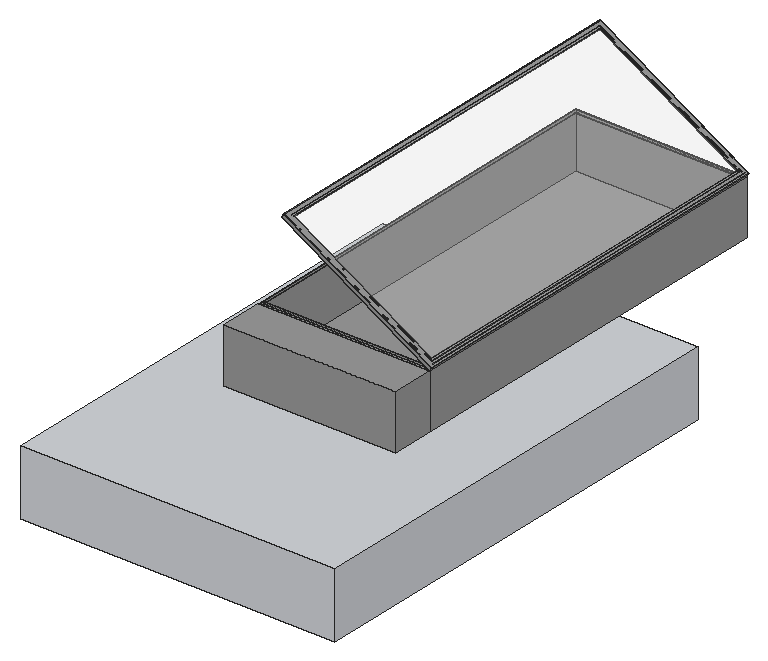
Revit family "Hager-Univers-IP55-D275-H2050-Cl.I-Steel_encl-CH-en", category Equipement électrique, Revit 2020
Family settings
  Hôte = Face
  Configuration du panneau = Deux colonnes, circuits au sein
  Cote de connecteur circulaire = Utiliser le diamètre
  Type d'élément = Tableau de raccordement
  Couper avec des vides une fois chargée = Non
  Partagée = Non
  Point de calcul de pièce = Non
Parameters (values of type "Floor installation IP55 W800 H2050 D275  - FR23K2")
  Width Control [instance] = if([EF000008 - Width] > Min Width, [EF000008 - Width], Min Width)  # 800 mm
  Commentaires du type = [HG000003 - Range]  # "Univers"
  Thickness Door [instance] = if([EF009171 - Material plate thickness door/cover] > 3 mm, 3 mm, [EF009171 - Material plate thickness door/cover])  # 1.5 mm
  Seal Frame Offset [instance] = 17 mm  # constant formula
  Plinth Visibility [instance] = [HG000027 - Plinth height] > 0 mm  # yes
  Model = ""
  Min Width [instance] = 100 mm  # constant formula
  Min Height [instance] = 100 mm  # constant formula
  Min Depth [instance] = (2 * [EF009170 - Material plate thickness cabinet]) + 1 mm  # 4 mm
  Internal Frame Depth [instance] = (Door System Depth * 0.5)  # 9 mm
  Height Control [instance] = if([EF000040 - Height] > Min Height, [EF000040 - Height], Min Height)  # 2050 mm
  HG000027 - Plinth height = 200 mm
  HG000026 - Floor standing = yes
  HG000024 - Bottom section height = 800 mm
  HG000023 - Double section enclosure = no
  HG000016 - Door 3d visibility [instance] = yes
  HG000015 - Clearance visibility [instance] = no
  HG000014 - Door on the right [instance] = yes
  HG000013 - Door on the left [instance] = not([HG000014 - Door on the right])  # no
  HG000012 - Door swing angle [instance] = 30.00°
  HG000010 - Asymmetric doors = no
  HG000009 - Double swing door = no
  HG000006 - Flush mounted = no
  HG000004 - Manufacturer reference = "FR23K2"
  HG000003 - Range = "Univers"
  HG000002 - With door or cover = yes
  Frame Offset Bottom [instance] = 10 mm  # constant formula
  Frame Offset [instance] = 15 mm  # constant formula
  EF015940 - Cover with overpressure release = no
  EF011959 - Degree of protection (NEMA) = ""
  EF009554 - Number of openings for flange plates = 6
  EF009212 - Cover model = "EV000116 - Closed"
  EF009171 - Material plate thickness door/cover = 1.5 mm
  EF009170 - Material plate thickness cabinet = 1.5 mm
  Fabricant = "Hager"  # constant formula
  EF008873 - Nominal current (In) = 800 A
  EF007800 - Suitable for lightning protection = no
  EF006306 - With lock = no
  EF006244 - Transparent cover/door = yes
  EF005474 - Degree of protection (IP) = "EV006420 - IP55"
  EF004464 - Type of door = "EV002646 - Single"
  EF004427 - Number of modules = 432
  EF004293 - Impact strength = "EV008784 - IK10"
  EF003532 - Suitable for outdoor use = no
  EF002950 - Width in number of modular spacings = 24
  EF001613 - Circuit integrity = "EV000494 - None"
  EF001596 - Material housing = "EV000179 - Steel"
  EF001131 - Internal depth = 275 mm
  EF001088 - Extension possible = yes
  EF000437 - Number of conduit inlets = 6
  EF000339 - Type of cover = "EV004216 - Door"
  EF000266 - Number of rows = 12
  EF000218 - Built-in depth = 0 mm
  EF000118 - With mounting plate = no
  EF000116 - RAL-number = "7035"
  EF000049 - Depth = 275 mm
  EF000040 - Height = 2050 mm
  EF000008 - Width = 800 mm
  EF000007 - Colour = "EV000270 - Grey"
  EF000003 - Mounting method = "EV012274 - Floor installation"
  Door System Leaf Tolerance [instance] = 1.5 mm  # constant formula
  Door System Depth [instance] = 18 mm  # constant formula
  Door Height [instance] = Height Control - [HG000027 - Plinth height]  # 1850 mm
  Depth Control [instance] = if([EF000049 - Depth] > Min Depth, [EF000049 - Depth], Min Depth)  # 275 mm
  Default Elevation = 0 mm
  Connector Offset [instance] = Height Control / 2  # 1025 mm
  Bottom Top Plate Trim [instance] = 1.5 mm  # constant formula
  Plinth height Ctrl [instance] = if([HG000027 - Plinth height] > 0 mm, [HG000027 - Plinth height], 12 mm)  # 200 mm
Types (11, lengths in mm): name | Width Control | HG000010 - Asymmetric doors | HG000009 - Double swing door | HG000004 - Manufacturer reference | EF009554 - Number of openings for flange plates | EF006244 - Transparent cover/door | EF004464 - Type of door | EF004427 - Number of modules | EF000437 - Number of conduit inlets | EF000008 - Width
  Floor installation IP55 W1050 H2050 D275  - FR24E2 | 1050 | yes | yes | "FR24E2" | 8 | no | "EV003602 - Double" | 576 | 8 | 1050
  Floor installation IP55 W1050 H2050 D275  - FR24K2 | 1050 | yes | yes | "FR24K2" | 8 | yes | "EV003602 - Double" | 576 | 8 | 1050
  Floor installation IP55 W1300 H2050 D275  - FR25E2 | 1300 | yes | yes | "FR25E2" | 10 | no | "EV003602 - Double" | 720 | 10 | 1300
  Floor installation IP55 W1300 H2050 D275  - FR25K2 | 1300 | yes | yes | "FR25K2" | 10 | yes | "EV003602 - Double" | 720 | 10 | 1300
  Floor installation IP55 W1550 H2050 D275  - FR26E2 | 1550 | yes | yes | "FR26E2" | 12 | no | "EV003602 - Double" | 864 | 12 | 1550
  Floor installation IP55 W1550 H2050 D275  - FR26K2 | 1550 | yes | yes | "FR26K2" | 12 | yes | "EV003602 - Double" | 864 | 12 | 1550
  Floor installation IP55 W300 H2050 D275  - FR21E2 | 300 | no | no | "FR21E2" | 2 | no | "EV002646 - Single" | 144 | 2 | 300
  Floor installation IP55 W550 H2050 D275  - FR22E2 | 550 | no | no | "FR22E2" | 4 | no | "EV002646 - Single" | 288 | 4 | 550
  Floor installation IP55 W550 H2050 D275  - FR22K2 | 550 | no | no | "FR22K2" | 4 | yes | "EV002646 - Single" | 288 | 4 | 550
  Floor installation IP55 W800 H2050 D275  - FR23E2 | 800 | no | no | "FR23E2" | 6 | no | "EV002646 - Single" | 432 | 6 | 800
  Floor installation IP55 W800 H2050 D275  - FR23K2 | 800 | no | no | "FR23K2" | 6 | yes | "EV002646 - Single" | 432 | 6 | 800
Reference planes
  plane 1 "Center (Front/Back)": y = 0
  plane 2: z = 0
  plane 3 "Center (Left/Right)": x = 0
  plane 4: z = 275
  plane 5: y = 201.5
  plane 6: y = 1125
  plane 7: y = 200
  plane 8: y = 2050
  plane 9: z = 0
  plane 10: x = -385
  plane 11: x = 385
  plane 12: x = 383.5
  plane 13: x = -383.5
  plane 14: y = 2048.5
  plane 15: x = -383
  plane 16: x = -400
  plane 17: x = 383
  plane 18: x = 400
  plane 19: x = 398.5
  plane 20: x = -398.5
  plane 21: y = 211.5
  plane 22: y = 2050
  plane 23: y = 2033.5
  plane 24: z = 257
  plane 25: z = 1.5
  plane 26: z = 255.5
  plane 27: z = 273.5
Forms (mm)
  Extrusion 1, solid
    sketch origin (0, 0, 0) x (1, 0, 0) y (0, 1, 0)
      loop
        line (-702.964, 1305) -> (-702.964, -811.445) -> (766.763, -811.445) -> (766.763, 1305) -> (-702.964, 1305)
    from 0 to -304.8
  Extrusion 2, solid, material "Hager_Steel_RAL7035_Light_Grey", visible <- "Plinth Visibility", detail levels medium+fine
    sketch origin (0, 0, 0) x (1, 0, 0) y (0, 1, 0)
      loop
        line (-400, 0) -> (400, 0) -> (400, 200) -> (-400, 200) -> (-400, 0)
    from 0 to 257
  Extrusion 3, solid, material "Hager_Steel_RAL7035_Light_Grey", detail levels medium+fine
    sketch origin (0, 0, 0) x (1, 0, 0) y (0, 1, 0)
      loop
        line (-400, 200) -> (400, 200) -> (400, 2050) -> (-400, 2050) -> (-400, 200)
    from 0 to 257
  Extrusion 4, void
    sketch origin (0, 0, 0) x (1, 0, 0) y (0, 1, 0)
      loop
        line (-398.5, 201.5) -> (398.5, 201.5) -> (398.5, 2048.5) -> (-398.5, 2048.5) -> (-398.5, 201.5)
    from 1.5 to 255.5
  Extrusion 5, void
    sketch origin (-381.607, -4572, 257) x (0, -1, 0) y (-1, 0, 0)
      loop
        line (-4783.5, 1.893) -> (-6605.5, 1.893) -> (-6605.5, -765.107) -> (-4783.5, -765.107) -> (-4783.5, 1.893)
    from 0 to 1.5 <- "EF009170 - Material plate thickness cabinet"
  Extrusion 6, solid, material "Hager_Steel_RAL7035_Light_Grey", detail levels fine
    sketch origin (0, 0, 257) x (1, 0, 0) y (0, 1, 0)
      loop
        line (-383.5, 2033.5) -> (-383.5, 211.5) -> (383.5, 211.5) -> (383.5, 2033.5) -> (-383.5, 2033.5)
      loop
        line (-385, 210) -> (385, 210) -> (385, 2035) -> (-385, 2035) -> (-385, 210)
    from 0 to 9 <- "Internal Frame Depth"
  Extrusion 7, solid, material "Hager_Steel_RAL7035_Light_Grey", detail levels coarse
    sketch origin (0, 0, 0) x (1, 0, 0) y (0, 1, 0)
      loop
        line (-400, 0) -> (400, 0) -> (400, 2050) -> (-400, 2050) -> (-400, 0)
    from 0 to 275
  Sweep 8, void
    path in 3D
      loop
        line (-400, 200, 0) -> (400, 200, 0) -> (400, 200, 257) -> (-400, 200, 257) -> (-400, 200, 0)
    profile origin (-400, 200, 128.5) x (-1, 0, 0) y (0, -1, 0)
      loop
        line (0, 0) -> (0, 1.5) -> (-1.5, 1.5)
        arc (-1.5, 1.5) -> (-1.061, 0.439) -> (0, 0) r 1.5
Cuts and joins
  Extrusion 4, Extrusion 5 cuts Extrusion 3
  Sweep 8 cuts Extrusion 2
Lines and regions (mm)
  Masking region 1
    outline origin (0, 0, 0) x (1, 0, 0) y (0, 0, 1)
      loop
        line (-400, 275) -> (-400, 0) -> (400, 0) -> (400, 275) -> (-400, 275)
  Masking region 2, detail levels medium+fine
    outline origin (0, 140, 0) x (0, 1, 0) y (0, 0, 1)
      loop
        line (60, 0) -> (1910, 0) -> (1910, 257) -> (60, 257) -> (60, 0)
  Masking region 3, not visible, detail levels medium+fine
    outline origin (0, 297.922, 0) x (0, 1, 0) y (0, 0, 1)
      loop
        line (838.578, 0) -> (878.578, 0) -> (878.578, 263.5)
        arc (878.578, 263.5) -> (875.649, 270.571) -> (868.578, 273.5) r 10
        line (868.578, 273.5) -> (838.578, 273.5) -> (838.578, 0)
  Masking region 4, detail levels coarse
    outline origin (0, 0, 180) x (0, 1, 0) y (0, 0, 1)
      loop
        line (0, -180) -> (2050, -180) -> (2050, 95) -> (0, 95) -> (0, -180)
  Masking region 5, visible <- "Plinth Visibility", detail levels medium+fine
    outline origin (0, 52.24, 12.345) x (0, 0, -1) y (0, 1, 0)
      loop
        line (10.845, 147.76) -> (-243.155, 147.76)
        arc (-243.155, 147.76) -> (-243.594, 146.699) -> (-244.655, 146.26) r 1.5
        line (-244.655, 146.26) -> (-244.655, -52.24) -> (12.345, -52.24) -> (12.345, 146.26)
        arc (12.345, 146.26) -> (11.285, 146.699) -> (10.845, 147.76) r 1.5
  Masking region 6, detail levels medium+fine
    outline origin (-381.607, -4572, 257) x (-1, 0, 0) y (0, -1, 0)
      loop
        line (18.393, -6622) -> (18.393, -4772) -> (-781.607, -4772) -> (-781.607, -6622) -> (18.393, -6622)
  Masking region 7, visible <- "Plinth Visibility", detail levels medium+fine
    outline origin (-381.607, -4727, 257) x (-1, 0, 0) y (0, -1, 0)
      loop
        arc (16.893, -4927) -> (17.332, -4925.939) -> (18.393, -4925.5) r 1.5
        line (18.393, -4925.5) -> (18.393, -4727) -> (-781.607, -4727) -> (-781.607, -4925.5)
        arc (-781.607, -4925.5) -> (-780.546, -4925.939) -> (-780.107, -4927) r 1.5
        line (-780.107, -4927) -> (16.893, -4927)
  Masking region 8, detail levels coarse
    outline origin (-442.548, -4669.526, 257) x (-1, 0, 0) y (0, -1, 0)
      loop
        line (-42.548, -6719.526) -> (-42.548, -4669.526) -> (-842.548, -4669.526) -> (-842.548, -6719.526) -> (-42.548, -6719.526)
  sketch lines
    curve 1: line (-400, 200, 257) -> (-400, 200, 0)
    curve 2: line (400, 200, 257) -> (-400, 200, 257)
    curve 3: line (400, 200, 257) -> (400, 200, 0)
    curve 4: line (-400, 200, 0) -> (400, 200, 0)
Dimensions and locks
  "Depth Control": plane 4 to Extrusion 1
  "HG000027 - Plinth height": plane 1 "Center (Front/Back)" to plane 7
  "EF009170 - Material plate thickness cabinet": plane 5 to plane 7
  locked: connector elem to plane 3 "Center (Left/Right)"
  equal spacing: plane 8, plane 6, plane 7
  locked: connector elem to plane 6
  "EF009170 - Material plate thickness cabinet": plane 8 to plane 14
  "EF009170 - Material plate thickness cabinet": plane 10 to plane 13
  "EF009170 - Material plate thickness cabinet": plane 12 to plane 11
  "Frame Offset": plane 20 to plane 13
  "Frame Offset": plane 12 to plane 19
  "EF009170 - Material plate thickness cabinet": plane 16 to plane 20
  "EF009170 - Material plate thickness cabinet": plane 19 to plane 18
  "Seal Frame Offset": plane 16 to plane 15
  "Seal Frame Offset": plane 17 to plane 18
  "Frame Offset Bottom": plane 21 to plane 5
  "Frame Offset": plane 14 to plane 23
  equal spacing: plane 16, plane 3 "Center (Left/Right)", plane 18
  "Width Control": plane 16 to plane 18
  "EF009170 - Material plate thickness cabinet": plane 4 to plane 27
  "EF009170 - Material plate thickness cabinet": plane 24 to plane 26
  "EF009170 - Material plate thickness cabinet": plane 25 to level
  "Door System Depth": plane 4 to plane 24
  "Height Control": plane 1 "Center (Front/Back)" to Extrusion 7 sketch curve
  "Height Control": Masking region 4 sketch curve to plane 1 "Center (Front/Back)"
  "Height Control": plane 1 "Center (Front/Back)" to plane 22
  "Bottom Top Plate Trim": profile plane to Sweep 8 sketch curve
  "Bottom Top Plate Trim": Sweep 8 sketch curve to profile plane
  "Plinth height Ctrl": plane 1 "Center (Front/Back)" to Extrusion 2 sketch curve
  "Plinth height Ctrl": Masking region 5 sketch curve to plane 1 "Center (Front/Back)"
  "Plinth height Ctrl": plane 1 "Center (Front/Back)" to Masking region 7 sketch curve
  "Thickness Door": Extrusion 6 sketch curve to Extrusion 6 sketch curve  (x3)
  "Thickness Door": cut or joined group of Extrusion 3, Extrusion 4, Extrusion 5 to Extrusion 6 sketch curve
  radius of Masking region 3 sketch curve = 10 mm
  "Bottom Top Plate Trim": radius of Masking region 5 sketch curve  (x2)
  "Bottom Top Plate Trim": radius of Sweep 8 sketch curve
  "Bottom Top Plate Trim": radius of Masking region 7 sketch curve  (x2)
  aligned and locked: plane 2 to Extrusion 1
  aligned and locked: level to Extrusion 1
  aligned and locked: level to Masking region 1 sketch curve
  aligned and locked: Masking region 1 sketch curve to plane 18
  aligned and locked: Masking region 1 sketch curve to plane 16
  aligned and locked: plane 7 to Masking region 2 sketch curve
  aligned and locked: level to Masking region 3 sketch curve
  aligned and locked: Masking region 3 sketch curve to plane 27
  aligned and locked: level to Masking region 2 sketch curve
  aligned and locked: plane 1 "Center (Front/Back)" to Extrusion 2 sketch curve
  aligned and locked: Extrusion 3 sketch curve to plane 7
  aligned and locked: plane 16 to Extrusion 3 sketch curve
  aligned and locked: plane 18 to Extrusion 3 sketch curve
  aligned and locked: plane 20 to Extrusion 4 sketch curve
  aligned and locked: plane 19 to Extrusion 4 sketch curve
  aligned and locked: Extrusion 4 sketch curve to plane 5
  aligned and locked: Extrusion 4 to plane 25
  aligned and locked: plane 26 to Extrusion 4
  aligned and locked: plane 24 to Extrusion 3
  aligned and locked: Extrusion 5 sketch curve to plane 21
  aligned and locked: Extrusion 5 sketch curve to plane 13
  aligned and locked: Extrusion 5 sketch curve to plane 12
  aligned and locked: plane 18 to Extrusion 7 sketch curve
  aligned and locked: plane 1 "Center (Front/Back)" to Extrusion 7 sketch curve
  aligned and locked: plane 16 to Extrusion 7 sketch curve
  aligned and locked: plane 4 to Extrusion 7
  aligned and locked: Extrusion 7 to level
  aligned and locked: level to Masking region 4 sketch curve
  aligned and locked: Masking region 4 sketch curve to plane 1 "Center (Front/Back)"
  aligned and locked: Masking region 4 sketch curve to plane 4
  aligned and locked: nested 1 to level
  aligned and locked: nested 1 to plane 16
  aligned and locked: plane 8 to Extrusion 3 sketch curve
  aligned and locked: plane 23 to Extrusion 5 sketch curve
  aligned and locked: plane 14 to Extrusion 4 sketch curve
  aligned and locked: Masking region 2 sketch curve to plane 8
  aligned and locked: level to Masking region 5 sketch curve
  aligned and locked: plane 16 to Extrusion 2 sketch curve
  aligned and locked: plane 18 to Extrusion 2 sketch curve
  aligned and locked: Masking region 5 sketch curve to plane 24
  aligned and locked: Masking region 2 sketch curve to plane 24
  aligned and locked: plane 24 to Extrusion 2
  aligned and locked: profile plane to Sweep 8 sketch curve  (x2)
  aligned and locked: Masking region 6 sketch curve to plane 18
  aligned and locked: Masking region 6 sketch curve to plane 22
  aligned and locked: Masking region 6 sketch curve to plane 16
  aligned and locked: plane 8 to plane 22
  aligned and locked: Masking region 6 sketch curve to plane 7
  aligned and locked: Masking region 7 sketch curve to plane 16
  aligned and locked: Masking region 7 sketch curve to plane 1 "Center (Front/Back)"
  aligned and locked: Masking region 7 sketch curve to plane 18
  aligned and locked: Masking region 8 sketch curve to plane 1 "Center (Front/Back)"
  aligned and locked: Masking region 8 sketch curve to plane 18
  aligned and locked: Masking region 8 sketch curve to plane 22
  aligned and locked: Masking region 8 sketch curve to plane 16
  aligned and locked: nested 2 to plane 7
  aligned and locked: plane 3 "Center (Left/Right)" to nested 2
  aligned and locked: nested 2 to plane 24
  aligned and locked: Extrusion 6 sketch curve to cut or joined group of Extrusion 3, Extrusion 4, Extrusion 5  (x4)
Automatic sketch dimensions
  Extrusion 1 sketch curve to Extrusion 1 sketch curve = 1469.727 mm
  Extrusion 1 sketch curve to Extrusion 1 sketch curve = 2116.445 mm
  Masking region 1 sketch curve to plane 4 = 0 mm
  plane 6 to Masking region 3 sketch curve = 11.5 mm
  Masking region 3 sketch curve to Masking region 3 sketch curve = 30 mm
  Masking region 5 sketch curve to plane 1 "Center (Front/Back)" = 0 mm
Nested families
  nested 1: "Hager_Enclosure_Symbol" at (-400, 0, 0) x (1, 0, 0) z (0, -1, 0), Height <- "Depth Control", Width <- "Width Control", type "Hager_Enclosure_Symbol"
    with Width_Ctrl 800 mm, Width 800 mm, Height_Ctrl 275 mm, Height 275 mm, A_Width_Int 18.047 mm, A_Width 216.562 mm, A_Height_Ctrl 240.625 mm, A_Height 240.625 mm
  nested 2: "EC000058_Univers_Door" at (0, 200, 257) x (1, 0, 0) z (0, 1, 0), Leaf_Tolerance <- "Door System Leaf Tolerance", Angle <- "HG000012 - Door swing angle", Door_Depth <- "Door System Depth", Door_Left <- "HG000013 - Door on the left", Transparent <- "EF006244 - Transparent cover/door", Assymetrical <- "HG000010 - Asymmetric doors", Width <- "Width Control", Clearance <- "HG000015 - Clearance visibility", Double <- "HG000009 - Double swing door", 3d_Door <- "HG000016 - Door 3d visibility", Lock_Visibility <- "EF006306 - With lock", Width_Ctrl <- "Width Control", Door_Right <- "HG000014 - Door on the right", Door <- "HG000002 - With door or cover", Height <- "Door Height", Thickness <- "Thickness Door", type "EC000058_Univers_Door", detail levels medium+fine
    with min_wh 4 mm, Width_Ctrl 800 mm, Width 800 mm, Transparent yes, Thickness 1.5 mm, Seal_Material Hager_Rubber, Lock_Visibility no, Lock_Material Hager_Plastic_RAL9005_Jet_Black, Leaf_Width 800 mm, Leaf_Tolerance_External_Sides 0 mm, Leaf_Tolerance 1.5 mm, Leaf_Offset 0 mm, Leaf_Height 1847 mm, Leaf_2_Width 800 mm, Leaf_2_Offset 400 mm, Leaf_1_Width 800 mm, Leaf_1_Offset 400 mm, Height_Ctrl 1850 mm, Height 1850 mm, Glass_Material Hager_Glass, Double_Clearance_Ctrl no, Double no, Door_Right_Ctrl yes, Door_Right yes, Door_Material Hager_Steel_RAL7035_Light_Grey, Door_Left_Ctrl no, Door_Left no, Door_Depth 18 mm, Door yes, Clearance_Material Hager_Clearance, Clearance_Depth 800 mm, Clearance_Ctrl no, Clearance no, Assymetrical no, Angle 30.00°, 3d_Door yes
Connectors
  electrical at (0, 1125, 0)
    settings: on plane 9, index 1, voltage 0 V, apparent load 0 VA, apparent load phase1 0 VA, apparent load phase2 0 VA, apparent load phase3 0 VA, power factor 1, load classification "Other", number of poles 1, system type 30, power factor state 1, is connector primary yes, connector utility no, sub classification motor no, connector description ""
Definition of nested family "EC000058_Univers_Door"
  Parameters (values of type "EC000058_Univers_Door")
    min_wh [instance] = (2 * Thickness) + 1 mm  # 11 mm
    Width_Ctrl [instance] = 400 mm
    Width [instance] = 500 mm
    Transparent [instance] = yes
    Thickness [instance] = 5 mm
    Seal_Material [instance] = none
    Lock_Visibility [instance] = yes
    Lock_Material [instance] = none
    Leaf_Width [instance] = if((Width_Ctrl - 2 * Leaf_Tolerance_External_Sides) > 0 mm, (Width_Ctrl - 2 * Leaf_Tolerance_External_Sides), min_wh)  # 400 mm
    Leaf_Tolerance_External_Sides [instance] = 0 mm  # constant formula
    Leaf_Tolerance [instance] = 1.5 mm
    Leaf_Offset [instance] = 0 mm  # constant formula
    Leaf_Height [instance] = if((Height_Ctrl - 2 * Leaf_Tolerance) > 0 mm, (Height_Ctrl - 2 * Leaf_Tolerance), min_wh)  # 497 mm
    Leaf_2_Width [instance] = if(and(and(Double, Assymetrical), Door_Left), (Leaf_Width / 3) - (Leaf_Tolerance / 2), if(and(and(Double, Assymetrical), Door_Right), (Leaf_Width / 3) * 2 - (Leaf_Tolerance / 2), if(and(Double, not(Assymetrical)), (Leaf_Width / 2) - Leaf_Tolerance, Leaf_Width)))  # 400 mm
    Leaf_2_Offset [instance] = if(and(Double, Assymetrical), Leaf_2_Width / 2, if(and(Double, not(Assymetrical)), Leaf_Width / 4, Leaf_Width / 2))  # 200 mm
    Leaf_1_Width [instance] = if(and(and(Double, Assymetrical), Door_Right), (Leaf_Width / 3) - (Leaf_Tolerance / 2), if(and(and(Double, Assymetrical), Door_Left), (Width / 3) * 2 - (Leaf_Tolerance / 2), if(and(Double, not(Assymetrical)), (Leaf_Width / 2) - Leaf_Tolerance, Leaf_Width)))  # 400 mm
    Leaf_1_Offset [instance] = if(and(Double, Assymetrical), Leaf_1_Width / 2, if(and(Double, not(Assymetrical)), Leaf_Width / 4, Leaf_Width / 2))  # 200 mm
    Height_Ctrl [instance] = if(Height > min_wh, Height, min_wh)  # 500 mm
    Height [instance] = 500 mm
    Glass_Material [instance] = none
    Double_Clearance_Ctrl [instance] = and(Double, Clearance)  # no
    Double [instance] = no
    Door_Right_Ctrl [instance] = and(or(Door_Right, Double), Door)  # yes
    Door_Right [instance] = yes
    Door_Material [instance] = none
    Door_Left_Ctrl [instance] = and(or(Door_Left, Double), Door)  # no
    Door_Left [instance] = no
    Door_Depth [instance] = 30 mm
    Door [instance] = yes
    Default Elevation = 1219.2 mm
    Clearance_Material [instance] = none
    Clearance_Depth [instance] = if(Leaf_1_Width > Leaf_2_Width, Leaf_1_Width, Leaf_2_Width)  # 400 mm
    Clearance_Ctrl [instance] = and(not(Double), Clearance)  # yes
    Clearance [instance] = yes
    Assymetrical [instance] = yes
    Angle [instance] = 30.00°
    3d_Door [instance] = yes
  Reference planes
    plane 1 "Center (Front/Back)": y = 0
    plane 2 "Bottom": z = 0
    plane 3 "Center (Left/Right)": x = 0
    plane 4: z = 500
    plane 5: x = -200
    plane 6: x = 200
    plane 7: z = 500
    plane 8: x = -200
    plane 9: z = 0
    plane 10: x = 200
    plane 11: y = 0
    plane 12: z = 1.5
    plane 13: x = -600
    plane 14: y = -400
    plane 15: x = 600
    plane 16: x = 0
    plane 17: x = 0
    plane 18: x = -200
    plane 19: x = 200
    plane 20: z = 498.5
  Forms (mm)
    Extrusion 1, solid, material <- "Clearance_Material", visible <- "Double_Clearance_Ctrl"
      sketch origin (1200, 0, 0) x (1, 0, 0) y (0, 0, -1)
        loop
          line (-1800, -498.5) -> (-600, -498.5) -> (-600, 0) -> (-1800, 0) -> (-1800, -498.5)
      from 0 to -400
  Dimensions and locks
    equal spacing: plane 5, plane 3 "Center (Left/Right)", plane 6
    "Width_Ctrl": plane 5 to plane 6
    "Leaf_Offset": plane 5 to plane 8
    "Leaf_Offset": plane 6 to plane 10
    "Leaf_Offset": plane 9 to level
    "Leaf_Offset": plane 4 to plane 7
    "Height_Ctrl": plane 4 to level
    "Leaf_Tolerance": plane 12 to plane 9
    locked: plane 11 to plane 1 "Center (Front/Back)"
    "Leaf_1_Offset": plane 18 to plane 16
    "Leaf_2_Offset": plane 17 to plane 19
    "Leaf_1_Width": plane 13 to plane 8
    "Leaf_2_Width": plane 10 to plane 15
    "Clearance_Depth": plane 14 to plane 1 "Center (Front/Back)"
    "Leaf_Tolerance_External_Sides": plane 8 to plane 18
    "Leaf_Tolerance_External_Sides": plane 19 to plane 10
    "Leaf_Tolerance": plane 7 to plane 20
    aligned and locked: level to plane 2 "Bottom"
    aligned and locked: nested 1 to plane 16
    aligned and locked: nested 2 to plane 17
    aligned and locked: Extrusion 1 to plane 13
    aligned and locked: plane 15 to Extrusion 1
    aligned and locked: Extrusion 1 to plane 14
    aligned and locked: plane 12 to nested 1
    aligned and locked: nested 2 to plane 12
    aligned and locked: Extrusion 1 to plane 11
    aligned and locked: plane 20 to Extrusion 1
    aligned and locked: nested 2 to plane 11
    aligned and locked: nested 1 to plane 11
  Automatic sketch dimensions
    Extrusion 1 sketch curve to level = 0 mm
    plane 5 to Extrusion 1 sketch curve = 400 mm
    plane 6 to Extrusion 1 sketch curve = 400 mm
    Extrusion 1 sketch curve to plane 4 = 1.5 mm
  Nested families
    nested 1: "EC000058_Univers_Door_Leaf" at (0, 0, 1.5), Width <- "Leaf_1_Width", visible <- "Door_Left_Ctrl", Leaf_Height <- "Leaf_Height", Angle <- "Angle", 3d_Door <- "3d_Door", Transparent <- "Transparent", Clearance Material <- "Clearance_Material", Clearance <- "Clearance_Ctrl", Door_Material <- "Door_Material", Glass_Material <- "Glass_Material", Door_Depth <- "Door_Depth", Lock_Material <- "Lock_Material", Seal_Material <- "Seal_Material", Lock_Visibility <- "Lock_Visibility", Thickness <- "Thickness", type "EC000058_Univers_Door_Leaf"
      with Width 400 mm, Transparent_Glass_Offset 30 mm, Transparent_Ctrl yes, Transparent yes, Thickness 5 mm, Standard no, Seal_Material none, Seal_D2 8 mm, Seal_D1 1 mm, Offset_Internal_Frame 10 mm, Lock_Width 20 mm, Lock_Visibility_3d yes, Lock_Visibility yes, Lock_Thickness_3 3 mm, Lock_Thickness_2 1 mm, Lock_Thickness_1 3 mm, Lock_Radius_Offset_2 16 mm, Lock_Radius_Offset_1 15 mm, Lock_Radius_2 5 mm, Lock_Radius 6 mm, Lock_Offset 5 mm, Lock_Material none, Lock_Height 80 mm, Lock_Cover_Top_Offset_2d 17 mm, Lock_Cover_Height -65 mm, Leaf_Height 497 mm, Internal_Seal_Thickness 8 mm, Internal_Seal_Depth_2 4.5 mm, Internal_Frame_Depth 25 mm, Glass_Thickness -1 mm, Glass_Offset -2 mm, Glass_Material none, Door_Material none, Door_Depth 30 mm, Clearance Material none, Clearance yes, Angle_Ctrl 30.00°, Angle 30.00°, 3d_Door yes
    nested 2: "EC000058_Univers_Door_Leaf" at (0, 0, 1.5) x (-1, 0, 0) z (0, 0, 1), Width <- "Leaf_2_Width", visible <- "Door_Right_Ctrl", Leaf_Height <- "Leaf_Height", Angle <- "Angle", 3d_Door <- "3d_Door", Transparent <- "Transparent", Clearance Material <- "Clearance_Material", Clearance <- "Clearance_Ctrl", Door_Material <- "Door_Material", Glass_Material <- "Glass_Material", Door_Depth <- "Door_Depth", Lock_Material <- "Lock_Material", Seal_Material <- "Seal_Material", Lock_Visibility <- "Lock_Visibility", Thickness <- "Thickness", type "EC000058_Univers_Door_Leaf"
      with Width 400 mm, Transparent_Glass_Offset 30 mm, Transparent_Ctrl yes, Transparent yes, Thickness 5 mm, Standard no, Seal_Material none, Seal_D2 8 mm, Seal_D1 1 mm, Offset_Internal_Frame 10 mm, Lock_Width 20 mm, Lock_Visibility_3d yes, Lock_Visibility yes, Lock_Thickness_3 3 mm, Lock_Thickness_2 1 mm, Lock_Thickness_1 3 mm, Lock_Radius_Offset_2 16 mm, Lock_Radius_Offset_1 15 mm, Lock_Radius_2 5 mm, Lock_Radius 6 mm, Lock_Offset 5 mm, Lock_Material none, Lock_Height 80 mm, Lock_Cover_Top_Offset_2d 17 mm, Lock_Cover_Height -65 mm, Leaf_Height 497 mm, Internal_Seal_Thickness 8 mm, Internal_Seal_Depth_2 4.5 mm, Internal_Frame_Depth 25 mm, Glass_Thickness -1 mm, Glass_Offset -2 mm, Glass_Material none, Door_Material none, Door_Depth 30 mm, Clearance Material none, Clearance yes, Angle_Ctrl 30.00°, Angle 30.00°, 3d_Door yes
  Definition of nested family "EC000058_Univers_Door_Leaf"
    Parameters (values of type "EC000058_Univers_Door_Leaf")
      Width [instance] = 2000 mm
      Transparent_Glass_Offset [instance] = 30 mm
      Transparent_Ctrl [instance] = and(Transparent, [3d_Door])  # yes
      Transparent [instance] = yes
      Thickness [instance] = 5 mm
      Standard [instance] = and(not(Transparent), [3d_Door])  # no
      Seal_Material [instance] = none
      Seal_D2 [instance] = 8 mm  # constant formula
      Seal_D1 [instance] = 1 mm  # constant formula
      Offset_Internal_Frame [instance] = 10 mm  # constant formula
      Lock_Width [instance] = 20 mm  # constant formula
      Lock_Visibility_3d [instance] = and(Lock_Visibility, [3d_Door])  # yes
      Lock_Visibility [instance] = yes
      Lock_Thickness_3 [instance] = 3 mm  # constant formula
      Lock_Thickness_2 [instance] = 1 mm  # constant formula
      Lock_Thickness_1 [instance] = 3 mm  # constant formula
      Lock_Radius_Offset_2 [instance] = Lock_Radius_Offset_1 + 1 mm  # 16 mm
      Lock_Radius_Offset_1 [instance] = 15 mm  # constant formula
      Lock_Radius_2 [instance] = Lock_Radius - 1 mm  # 5 mm
      Lock_Radius [instance] = 6 mm  # constant formula
      Lock_Offset [instance] = 5 mm  # constant formula
      Lock_Material [instance] = none
      Lock_Height [instance] = 80 mm  # constant formula
      Lock_Cover_Top_Offset_2d [instance] = Lock_Radius_Offset_2 + 1 mm  # 17 mm
      Lock_Cover_Height [instance] = -(Lock_Height - Lock_Radius_Offset_1)  # -65 mm
      Leaf_Height [instance] = 2720.336 mm
      Internal_Seal_Thickness [instance] = 8 mm  # constant formula
      Internal_Seal_Depth_2 [instance] = 4.5 mm  # constant formula
      Internal_Frame_Depth [instance] = if(Door_Depth - Thickness > 5 mm, Door_Depth - Thickness, 5 mm)  # 25 mm
      Glass_Thickness [instance] = if(Thickness > 15 mm, Glass_Offset + 10 mm, -1 mm)  # -1 mm
      Glass_Offset [instance] = if(Thickness > 15 mm, -(Thickness + 10 mm) / 2, -2 mm)  # -2 mm
      Glass_Material [instance] = none
      Door_Material [instance] = none
      Door_Depth [instance] = 30 mm
      Default Elevation = 0 mm
      Clearance Material [instance] = none
      Clearance [instance] = yes
      Angle_Ctrl [instance] = if(Angle > 180.00°, 180.00°, Angle)  # 90.00°
      Angle [instance] = 90.00°
      3d_Door [instance] = yes
    Reference planes
      plane 1 "Center (Front/Back)": y = 0
      plane 2: z = 0
      plane 3 "Center (Left/Right)": x = 0
      plane 4: y = 2000
      plane 5: x = -1000
      plane 6: x = 1000
      plane 7: x = -3000
      plane 8: z = 2720.336
      plane 9: z = 30
      plane 10: z = 2690.336
      plane 11: x = 970
      plane 12: x = -970
      plane 13: y = -3
      plane 14: z = 107.833
      plane 15: y = -5
      plane 16: y = -223.314
      plane 17: x = -1000
      plane 18: z = 1360.168
      plane 19: y = 30
    Forms (mm)
      Extrusion 1, solid, material <- "Clearance Material", visible <- "Clearance"
        sketch origin (0, 0, 0) x (1, 0, 0) y (0, 0, 1)
          loop
            line (-3000, 2720.336) -> (-3000, 0) -> (1000, 0) -> (1000, 2720.336) -> (-3000, 2720.336)
        from 0 to -2000
      Extrusion 2, solid, material <- "Door_Material", visible <- "Standard", detail levels medium+fine
        sketch origin (-1000, 0, 0) x (0, 1, 0) y (-1, 0, 0)
          loop
            line (0, 30) -> (0, 25) -> (2000, 25) -> (2000, 30) -> (0, 30)
        from 0 to 2720.336 <- "Leaf_Height"
      Extrusion 3, solid, material <- "Door_Material", visible <- "Transparent_Ctrl", detail levels medium+fine
        sketch origin (-1000, 0, 0) x (0, 1, 0) y (-1, 0, 0)
          loop
            line (0, 25) -> (2000, 25) -> (2000, 30) -> (0, 30) -> (0, 25)
        from 0 to 2720.336 <- "Leaf_Height"
      Extrusion 4, void
        sketch origin (-1025, 2000, 0) x (0, 1, 0) y (0, 0, -1)
          loop
            line (-30, -2690.336) -> (-30, -30) -> (-1970, -30) -> (-1970, -2690.336) -> (-30, -2690.336)
        from 0 to 5 <- "Thickness"
      Sweep 5, solid, material <- "Seal_Material", visible <- "Transparent_Ctrl", detail levels fine
        path in 3D
          loop
            line (-1025, 30, 30) -> (-1025, 30, 2690.336) -> (-1025, 1970, 2690.336) -> (-1025, 1970, 30) -> (-1025, 30, 30)
        profile origin (-1025, 1000, 30) x (1, 0, 0) y (0, 0, 1)
          loop
            line (0, 0) -> (0, -8) -> (1, -8) -> (1, 0) -> (0, 0)
      Extrusion 6, solid, material <- "Glass_Material", visible <- "Transparent_Ctrl", detail levels medium+fine
        sketch origin (-1030, 0, 0) x (0, 1, 0) y (0, 0, -1)
          loop
            line (1970, -2690.336) -> (1970, -30) -> (30, -30) -> (30, -2690.336) -> (1970, -2690.336)
        from -2 <- "Glass_Offset" to -1 <- "Glass_Thickness"
      Extrusion 7, solid, material <- "Door_Material", visible <- "3d_Door", detail levels medium+fine
        sketch origin (-1025, 2000, 0) x (0, -1, 0) y (0, 0, -1)
          loop
            line (0, -2720.336) -> (2000, -2720.336) -> (2000, 0) -> (0, 0) -> (0, -2720.336)
          loop
            line (1995, -5) -> (5, -5) -> (5, -2715.336) -> (1995, -2715.336) -> (1995, -5)
        from 0 to 25 <- "Internal_Frame_Depth"
      Sweep 8, solid, material <- "Seal_Material", visible <- "Transparent_Ctrl", detail levels fine
        path in 3D
          loop
            line (-1025, 0, 0) -> (-1025, 2000, 0) -> (-1025, 2000, 2720.336) -> (-1025, 0, 2720.336) -> (-1025, 0, 0)
        profile origin (-1025, 0, 1360.168) x (1, 0, 0) y (0, 1, 0)
          loop
            line (0, 10) -> (2.975, 10)
            arc (2.975, 10) -> (4.053, 10.447) -> (4.5, 11.525) r 1.525
            line (4.5, 11.525) -> (4.5, 16.527)
            arc (4.5, 16.527) -> (4.069, 17.569) -> (3.027, 18) r 1.473
            line (3.027, 18) -> (0, 18) -> (0, 10)
      Extrusion 9, solid, material <- "Lock_Material", visible <- "Lock_Visibility_3d", detail levels fine
        sketch origin (-1030, 0, 0) x (0, 1, 0) y (0, 0, -1)
          loop
            arc (1993.5, -1400.168) -> (1994.561, -1399.729) -> (1995, -1398.668) r 1.5
            line (1995, -1398.668) -> (1995, -1320.168) -> (1975, -1320.168) -> (1975, -1398.668)
            arc (1975, -1398.668) -> (1975.439, -1399.729) -> (1976.5, -1400.168) r 1.5
            line (1976.5, -1400.168) -> (1993.5, -1400.168)
        from 3 <- "Lock_Thickness_1" to 0
      Blend 10, solid, material <- "Lock_Material", visible <- "Lock_Visibility_3d", detail levels fine
        base sketch origin (-1033, 0, 0) x (0, 1, 0) y (0, 0, -1)
          loop
            line (1975, -1320.168) -> (1975, -1398.668)
            arc (1975, -1398.668) -> (1975.439, -1399.729) -> (1976.5, -1400.168) r 1.5
            line (1976.5, -1400.168) -> (1993.5, -1400.168)
            arc (1993.5, -1400.168) -> (1994.561, -1399.729) -> (1995, -1398.668) r 1.5
            line (1995, -1398.668) -> (1995, -1320.168) -> (1975, -1320.168)
        top sketch origin (-1033, 0, 0) x (0, 1, 0) y (0, 0, -1)
          loop
            line (1976, -1320.168) -> (1976, -1398.668)
            arc (1976, -1398.668) -> (1976.146, -1399.022) -> (1976.5, -1399.168) r 0.5
            line (1976.5, -1399.168) -> (1993.5, -1399.168)
            arc (1993.5, -1399.168) -> (1993.854, -1399.022) -> (1994, -1398.668) r 0.5
            line (1994, -1398.668) -> (1994, -1320.168) -> (1976, -1320.168)
        from 0 to 1 <- "Lock_Thickness_2"
      Blend 11, solid, material <- "Lock_Material", visible <- "Lock_Visibility_3d", detail levels fine
        base sketch origin (-1034, 0, 0) x (0, 1, 0) y (0, 0, -1)
          loop
            line (1978, -1320.168) -> (1978, -1384.168)
            arc (1978, -1384.168) -> (1985, -1391.168) -> (1992, -1384.168) r 7
            line (1992, -1384.168) -> (1992, -1320.168) -> (1978, -1320.168)
        top sketch origin (-1034, 0, 0) x (0, 1, 0) y (0, 0, -1)
          loop
            line (1991, -1320.168) -> (1979, -1320.168) -> (1979, -1383.168)
            arc (1979, -1383.168) -> (1985, -1389.168) -> (1991, -1383.168) r 6
            line (1991, -1383.168) -> (1991, -1320.168)
        from 0 to 3 <- "Lock_Thickness_3"
      Extrusion 12, solid, material <- "Lock_Material", visible <- "Lock_Visibility_3d", detail levels fine
        sketch origin (-1030, 1975, 1320.168) x (1, 0, 0) y (0, -1, 0)
          loop
            line (-7, -19) -> (-7, -1) -> (0, -1) -> (0, 0) -> (-8, 0) -> (-8, -20) -> (0, -20) -> (0, -19) -> (-7, -19)
        from 0 to -65 <- "Lock_Cover_Height"
      Extrusion 13, void
        sketch origin (-1038, 1995, 1320.168) x (-1, 0, 0) y (0, 0, -1)
          loop
            line (-5, -65) -> (0, -65) -> (-5, -60) -> (-5, -65)
        from 0 to 20 <- "Lock_Width"
      Extrusion 14, void
        sketch origin (-1038, 1975, 1320.168) x (0, -1, 0) y (0, 0, -1)
          loop
            circle (-10, -15.995) r 6
          loop
            circle (-10, -15.995) r 5
        from 0 to 2
      Extrusion 15, solid, material <- "Lock_Material", visible <- "Lock_Visibility_3d", detail levels medium
        sketch origin (-1030, 0, 0) x (0, 1, 0) y (0, 0, -1)
          loop
            arc (1993.5, -1400.168) -> (1994.561, -1399.729) -> (1995, -1398.668) r 1.5
            line (1995, -1398.668) -> (1995, -1320.168) -> (1975, -1320.168) -> (1975, -1398.668)
            arc (1975, -1398.668) -> (1975.439, -1399.729) -> (1976.5, -1400.168) r 1.5
            line (1976.5, -1400.168) -> (1993.5, -1400.168)
        from 8 to 0
    Cuts and joins
      Extrusion 4 cuts Extrusion 3
      Extrusion 13, Extrusion 14 cuts Extrusion 9
      Extrusion 14 cuts Blend 11
      Extrusion 13, Extrusion 14 cuts Extrusion 12
      joined: Extrusion 9, Blend 10, Blend 11, Extrusion 12
      Extrusion 14 cuts Extrusion 15
    Lines and regions (mm)
      Masking region 1, visible <- "Lock_Visibility", detail levels fine
        outline origin (0, 0, 0) x (0, 1, 0) y (0, 0, 1)
          loop
            line (30, 1320.168) -> (33, 1320.168) -> (33, 1400.168) -> (30, 1400.168) -> (30, 1320.168)
      Masking region 2, visible <- "Lock_Visibility", detail levels fine
        outline origin (0, 3.143, 0) x (0, 1, 0) y (0, 0, 1)
          loop
            line (29.857, 1354.168) -> (30.857, 1354.168) -> (30.857, 1366.168) -> (29.857, 1366.168) -> (29.857, 1354.168)
      Masking region 3, detail levels medium+fine
        outline origin (0, 0, 0) x (0, 1, 0) y (0, 0, 1)
          loop
            line (0, 0) -> (30, 0) -> (30, 2720.336) -> (0, 2720.336) -> (0, 0)
      Masking region 4, detail levels medium+fine
        outline origin (0, 0, 0) x (1, 0, 0) y (0, 0, 1)
          loop
            line (-1000, 2720.336) -> (-1000, 0) -> (1000, 0) -> (1000, 2720.336) -> (-1000, 2720.336)
      Masking region 5, visible <- "Lock_Visibility", detail levels fine
        outline origin (-47.116, 0, 0) x (1, 0, 0) y (0, 0, 1)
          loop
            arc (1024.616, 1399.168) -> (1023.556, 1398.729) -> (1023.116, 1397.668) r 1.5
            line (1023.116, 1397.668) -> (1023.116, 1320.168) -> (1041.116, 1320.168) -> (1041.116, 1397.668)
            arc (1041.116, 1397.668) -> (1040.677, 1398.729) -> (1039.616, 1399.168) r 1.5
            line (1039.616, 1399.168) -> (1024.616, 1399.168)
      Masking region 6, visible <- "Lock_Visibility", detail levels medium+fine
        outline origin (-25, 0, 0) x (1, 0, 0) y (0, 0, 1)
          loop
            arc (1001.5, 1400.168) -> (1000.439, 1399.729) -> (1000, 1398.668) r 1.5
            line (1000, 1398.668) -> (1000, 1320.168) -> (1020, 1320.168) -> (1020, 1398.668)
            arc (1020, 1398.668) -> (1019.561, 1399.729) -> (1018.5, 1400.168) r 1.5
            line (1018.5, 1400.168) -> (1001.5, 1400.168)
      Masking region 7, visible <- "Lock_Visibility", detail levels fine
        outline origin (-73.735, 0, 0) x (1, 0, 0) y (0, 0, 1)
          loop
            line (1051.735, 1382.168) -> (1065.735, 1382.168) -> (1065.735, 1384.168)
            arc (1065.735, 1384.168) -> (1058.735, 1391.168) -> (1051.735, 1384.168) r 7
            line (1051.735, 1384.168) -> (1051.735, 1382.168)
      Masking region 8, visible <- "Lock_Visibility", detail levels fine
        outline origin (-73.735, 0, 0) x (1, 0, 0) y (0, 0, 1)
          loop
            line (1052.735, 1382.168) -> (1064.735, 1382.168) -> (1064.735, 1383.168)
            arc (1064.735, 1383.168) -> (1058.735, 1389.168) -> (1052.735, 1383.168) r 6
            line (1052.735, 1383.168) -> (1052.735, 1382.168)
      Masking region 9, visible <- "Lock_Visibility", detail levels fine
        outline origin (-25, 0, 0) x (1, 0, 0) y (0, 0, 1)
          loop
            line (1020, 1320.168) -> (1020, 1382.168) -> (1000, 1382.168) -> (1000, 1320.168) -> (1020, 1320.168)
      Masking region 10, detail levels medium+fine
        outline origin (0, 0, 0) x (1, 0, 0) y (0, 0, 1)
          loop
            circle (985, 1335.144) r 6
      Masking region 11, detail levels fine
        outline origin (0, 0, 0) x (1, 0, 0) y (0, 0, 1)
          loop
            circle (985, 1335.144) r 5
      Masking region 12, visible <- "Lock_Visibility", detail levels fine
        outline origin (0, 12.767, 0) x (0, 1, 0) y (0, 0, 1)
          loop
            line (20.233, 1320.168) -> (21.233, 1320.168) -> (21.233, 1399.168) -> (20.233, 1400.168) -> (20.233, 1320.168)
      Masking region 13, visible <- "Lock_Visibility", detail levels fine
        outline origin (0, 13.767, -10) x (0, 1, 0) y (0, 0, 1)
          loop
            line (20.233, 1330.168) -> (23.233, 1330.168) -> (23.233, 1399.168) -> (20.233, 1402.168) -> (20.233, 1330.168)
      Masking region 14, visible <- "Lock_Visibility", detail levels fine
        outline origin (0, 12.767, -10) x (0, 1, 0) y (0, 0, 1)
          loop
            line (20.233, 1330.168) -> (25.233, 1330.168) -> (25.233, 1399.305) -> (20.233, 1394.305) -> (20.233, 1330.168)
      Masking region 15, visible <- "Lock_Visibility", detail levels medium
        outline origin (0, 0, 0) x (0, 1, 0) y (0, 0, 1)
          loop
            line (30, 1320.168) -> (38, 1320.168) -> (38, 1400.168) -> (30, 1400.168) -> (30, 1320.168)
      Masking region 16, visible <- "Lock_Visibility", detail levels fine
        outline origin (-1000, 0, 0) x (0, 1, 0) y (-1, 0, 0)
          loop
            line (1975, 30) -> (1995, 30) -> (1995, 38) -> (1975, 38) -> (1975, 30)
          loop
            line (1979, 37) -> (1976, 37) -> (1976, 34) -> (1978, 34) -> (1979, 37)
          loop
            line (1994, 37) -> (1991, 37) -> (1992, 34) -> (1994, 34) -> (1994, 37)
      Masking region 17, visible <- "Lock_Visibility", detail levels medium
        outline origin (-1000, 0, 0) x (0, 1, 0) y (-1, 0, 0)
          loop
            line (1975, 30) -> (1995, 30) -> (1995, 38) -> (1975, 38) -> (1975, 30)
      symbolic lines
        curve 1: line (1000, 0, 0) -> (-3000, 0, 0)
        curve 2: arc (1000, 0, 0) -> (-1000, 2000, 0) -> (-3000, 0, 0) r 2000
        curve 4: line (-1030, 0, 0) -> (-1030, 2000, 0)
      reference lines
        curve 3: line (-1000, 0, 0) -> (-1000, 2000, 0)
      symbolic lines, detail levels medium+fine
        curve 5: line (-1030, 2000, 0) -> (-1025, 2000, 0)
        curve 7: line (-1025, 0, 0) -> (-1030, 0, 0)
        curve 8: line (-1025, 0, 0) -> (-1000, 0, 0)
        curve 9: line (-1000, 0, 0) -> (-1000, 2000, 0)
        curve 10: line (-1000, 2000, 0) -> (-1025, 2000, 0)
      symbolic lines, detail levels fine
        curve 6: line (-1025, 2000, 0) -> (-1025, 0, 0)
      sketch lines
        curve 11: line (-1025, 0, 2720.336) -> (-1025, 0, 0)
        curve 12: line (-1025, 2000, 0) -> (-1025, 0, 0)
        curve 13: line (-1025, 2000, 2720.336) -> (-1025, 2000, 0)
        curve 14: line (-1025, 0, 2720.336) -> (-1025, 2000, 2720.336)
        curve 15: line (-1025, 1970, 30) -> (-1025, 30, 30)
        curve 16: line (-1025, 30, 30) -> (-1025, 30, 2690.336)
        curve 17: line (-1025, 1970, 2690.336) -> (-1025, 1970, 30)
        curve 18: line (-1025, 30, 2690.336) -> (-1025, 1970, 2690.336)
      symbolic lines, visible <- "Transparent", detail levels medium+fine
        curve 19: line (-970, 0, 2690.336) -> (970, 0, 2690.336)
        curve 20: line (-970, 0, 30) -> (-970, 0, 2690.336)
        curve 21: line (970, 0, 30) -> (-970, 0, 30)
        curve 22: line (970, 0, 2690.336) -> (970, 0, 30)
    Dimensions and locks
      "Width": plane 1 "Center (Front/Back)" to plane 4
      equal spacing: plane 5, plane 3 "Center (Left/Right)", plane 6
      "Width": plane 5 to plane 6
      "Width": plane 7 to plane 5
      "Leaf_Height": plane 8 to level
      "Width": curve 5 to curve 3
      "Width": curve 3 to curve 3
      plane 8 to plane 10 = 30 mm
      plane 9 to level = 30 mm
      plane 12 to plane 5 = 30 mm
      plane 6 to plane 11 = 30 mm
      Extrusion 1 to Extrusion 4 sketch curve = 30 mm
      "Transparent_Glass_Offset": curve 3 to Extrusion 4 sketch curve
      "Transparent_Glass_Offset": Extrusion 4 sketch curve to cut or joined group of Extrusion 3, Extrusion 4  (x2)
      cut or joined group of Extrusion 3, Extrusion 4 to Extrusion 6 sketch curve = 30 mm
      "Transparent_Glass_Offset": cut or joined group of Extrusion 3, Extrusion 4 to Extrusion 4 sketch curve
      "Thickness": curve 6 to curve 4
      "Thickness": Extrusion 7 sketch curve to Extrusion 7 sketch curve  (x4)
      "Door_Depth": curve 4 to curve 3
      "Offset_Internal_Frame": profile plane to Sweep 8 sketch curve
      "Internal_Seal_Thickness": Sweep 8 sketch curve to Sweep 8 sketch curve
      "Internal_Seal_Depth_2": profile plane to Sweep 8 sketch curve
      "Seal_D1": profile plane to Sweep 5 sketch curve
      "Seal_D2": profile plane to Sweep 5 sketch curve
      "Thickness": Extrusion 2 sketch curve to Extrusion 2 sketch curve
      equal spacing: Extrusion 9 sketch curve, plane 18, Extrusion 9 sketch curve  (x2)
      equal spacing: Masking region 1 sketch curve, plane 18, Masking region 1 sketch curve
      "Lock_Height": Masking region 1 sketch curve to Masking region 1 sketch curve
      "Lock_Radius": Masking region 2 sketch curve to plane 18 to Masking region 2 sketch curve
      Masking region 2 sketch curve to Masking region 1 = 1 mm
      "Door_Depth": plane 19 to plane 1 "Center (Front/Back)"
      "Lock_Thickness_1": Masking region 1 sketch curve to plane 19
      "Lock_Width": Extrusion 9 sketch curve to Extrusion 9 sketch curve
      "Lock_Height": Extrusion 9 sketch curve to Extrusion 9 sketch curve
      "Lock_Offset": cut or joined group of Extrusion 3, Extrusion 4 to Extrusion 9 sketch curve
      equal spacing: plane 8, plane 18, level
      "Lock_Radius_Offset_1": Blend 11 sketch curve to Blend 10
      locked: Blend 10 to Blend 11 sketch curve at 2  (x2)
      locked: var sketch to Blend 11 sketch curve at 1  (x2)
      "Lock_Radius_Offset_2": Blend 11 sketch curve to Blend 10
      locked: Extrusion 12 sketch curve to Extrusion 12 sketch curve at 1  (x3)
      Masking region 6 sketch curve to Masking region 6 sketch curve = 80 mm
      "Lock_Height": Masking region 6 sketch curve to Masking region 6 sketch curve
      "Lock_Width": Masking region 6 sketch curve to Masking region 6 sketch curve
      locked: Masking region 6 to Masking region 5 sketch curve at 1  (x3)
      locked: Masking region 5 to Masking region 7 sketch curve at 2  (x2)
      "Lock_Radius_Offset_1": Masking region 5 to Masking region 7 sketch curve
      "Lock_Radius_Offset_2": Masking region 5 to Masking region 8 sketch curve
      locked: Masking region 7 to Masking region 8 sketch curve at 1  (x2)
      "Lock_Cover_Top_Offset_2d": Masking region 5 to Masking region 9 sketch curve
      equal spacing: Masking region 9, Masking region 10 sketch curve, Masking region 9
      equal spacing: Masking region 9, Masking region 11 sketch curve, Masking region 9
      Extrusion 15 sketch curve to Extrusion 15 sketch curve = 80 mm
      "Lock_Width": Extrusion 15 sketch curve to Extrusion 15 sketch curve
      "Lock_Height": Extrusion 15 sketch curve to Extrusion 15 sketch curve
      equal spacing: Extrusion 15 sketch curve, plane 18, Extrusion 15 sketch curve
      "Lock_Thickness_3": Masking region 13 sketch curve to Masking region 13 sketch curve
      "Lock_Height": Masking region 12 sketch curve to Masking region 12 sketch curve
      locked: Masking region 13 sketch curve to Masking region 1 at 8
      locked: Masking region 14 sketch curve to Masking region 13 at 1
      locked: Masking region 14 sketch curve to Masking region 1 at 10.863
      "Lock_Height": Masking region 15 sketch curve to Masking region 15 sketch curve
      "Lock_Offset": Extrusion 15 sketch curve to cut or joined group of Extrusion 3, Extrusion 4
      "Lock_Offset": plane 6 to Masking region 6 sketch curve
      radius of Sweep 8 sketch curve = 1.525 mm
      radius of Sweep 8 sketch curve = 1.473 mm
      radius of Extrusion 9 sketch curve = 1.5 mm  (x2)
      "Lock_Radius": radius of Extrusion 14 sketch curve
      "Lock_Radius_2": radius of Extrusion 14 sketch curve
      "Lock_Radius": radius of Masking region 10 sketch curve
      "Lock_Radius_2": radius of Masking region 11 sketch curve
      radius of Extrusion 15 sketch curve = 1.5 mm  (x2)
      "Angle_Ctrl": angle plane 1 "Center (Front/Back)" to curve 3
      locked: Masking region 12 sketch curve to Masking region 12 sketch curve (angle 45.00°)
      locked: Masking region 13 sketch curve to Masking region 13 sketch curve (angle 45.00°)
      locked: Masking region 14 sketch curve to Masking region 14 sketch curve (angle 45.00°)
      aligned and locked: level to plane 2
      aligned and locked: Extrusion 1 to curve 1
      aligned and locked: plane 6 to Extrusion 1
      aligned and locked: Extrusion 1 to plane 1 "Center (Front/Back)"
      aligned and locked: plane 4 to Extrusion 1
      aligned and locked: plane 8 to Extrusion 1
      aligned and locked: curve 7 to Extrusion 2 sketch curve
      aligned and locked: curve 5 to Extrusion 2 sketch curve
      aligned and locked: curve 7 to Extrusion 3 sketch curve
      aligned and locked: Extrusion 3 sketch curve to curve 4
      aligned and locked: Extrusion 3 sketch curve to curve 6
      aligned and locked: Extrusion 3 sketch curve to curve 5
      aligned and locked: curve 9 to curve 3
      aligned and locked: Extrusion 7 sketch curve to cut or joined group of Extrusion 3, Extrusion 4  (x4)
      aligned and locked: plane 17 to curve 3
      aligned and locked: plane 1 "Center (Front/Back)" to curve 3
      aligned and locked: plane 17 to plane 5
      aligned and locked: Sweep 8 sketch curve to profile plane
      aligned and locked: Sweep 5 sketch curve to profile plane  (x2)
      aligned and locked: Masking region 1 to Masking region 2 sketch curve
      aligned and locked: plane 19 to Masking region 1 sketch curve
      aligned and locked: plane 1 "Center (Front/Back)" to Masking region 3 sketch curve
      aligned and locked: plane 19 to Masking region 3 sketch curve
      aligned and locked: level to Masking region 3 sketch curve
      aligned and locked: Masking region 3 sketch curve to plane 8
      aligned and locked: plane 17 to Masking region 4 sketch curve
      aligned and locked: level to Masking region 4 sketch curve
      aligned and locked: Masking region 4 sketch curve to plane 8
      aligned and locked: plane 12 to curve 20
      aligned and locked: plane 10 to curve 19
      aligned and locked: plane 11 to curve 22
      aligned and locked: curve 21 to plane 9
      aligned and locked: Extrusion 2 sketch curve to cut or joined group of Extrusion 3, Extrusion 4
      aligned and locked: Blend 10 sketch curve to Extrusion 9  (x4)
      aligned and locked: Extrusion 9 to Blend 10 sketch curve
      aligned and locked: Blend 10 to Blend 11 sketch curve
      aligned and locked: Extrusion 12 sketch curve to Blend 11
      aligned and locked: Extrusion 12 sketch curve to Extrusion 9  (x4)
      aligned and locked: Masking region 5 sketch curve to Masking region 6
      aligned and locked: Masking region 9 sketch curve to Masking region 6  (x3)
      aligned and locked: Masking region 12 sketch curve to Masking region 1
      aligned and locked: Masking region 13 sketch curve to Masking region 1
      aligned and locked: Masking region 12 to Masking region 14
      aligned and locked: Masking region 14 sketch curve to Masking region 1
      aligned and locked: Masking region 15 sketch curve to Masking region 14
      aligned and locked: Masking region 13 sketch curve to Masking region 12
      aligned and locked: Masking region 16 sketch curve to cut or joined group of Extrusion 14, Extrusion 15  (x4)
      aligned and locked: Masking region 16 sketch curve to cut or joined group of Extrusion 9, Blend 10, Blend 11, Extrusion 12, Extrusion 13, Extrusion 14  (x6)
      aligned and locked: cut or joined group of Extrusion 9, Blend 10, Blend 11, Extrusion 12, Extrusion 13, Extrusion 14 to Masking region 16 sketch curve
      aligned and locked: Masking region 17 sketch curve to cut or joined group of Extrusion 14, Extrusion 15  (x3)
      aligned and locked: Masking region 17 sketch curve to cut or joined group of Extrusion 9, Blend 10, Blend 11, Extrusion 12, Extrusion 13, Extrusion 14
      aligned and locked: Masking region 9 to Masking region 8 sketch curve
      aligned and locked: Masking region 9 to Masking region 7 sketch curve
    Automatic sketch dimensions
      plane 1 "Center (Front/Back)" to curve 2 = 0 mm
      curve 2 to plane 5 = 0 mm
      Extrusion 1 sketch curve to level = 0 mm
      Extrusion 1 sketch curve to plane 7 = 0 mm
      Extrusion 1 sketch curve to plane 6 = 0 mm
      Extrusion 1 sketch curve to plane 8 = 0 mm
      Extrusion 3 to Extrusion 6 sketch curve = 30 mm  (x4)
      Masking region 4 sketch curve to plane 6 = 0 mm
      Blend 10 sketch curve to Extrusion 9 = 1.5 mm
      Blend 10 sketch curve to Extrusion 9 = 1 mm
      Extrusion 13 sketch curve to Extrusion 12 = 0 mm  (x2)
      Extrusion 12 to Extrusion 13 sketch curve = 3 mm
      Extrusion 13 sketch curve to Extrusion 12 = 5 mm
      Extrusion 14 sketch curve to Extrusion 14 sketch curve = 0 mm  (x2)
      Extrusion 14 sketch curve to Extrusion 12 = 10 mm
      Extrusion 14 sketch curve to Extrusion 12 = 15.995 mm
      Masking region 5 sketch curve to Masking region 5 sketch curve = 1.5 mm  (x2)
      Masking region 10 sketch curve to plane 18 = 25.024 mm
      Masking region 11 sketch curve to plane 18 = 25.024 mm
      plane 19 to Masking region 14 sketch curve = 3 mm
      Masking region 16 sketch curve to Masking region 16 sketch curve = 3 mm
      curve 4 to curve 3 = 0 mm
      Blend 10 to Blend 11 sketch curve = 0 mm
      Masking region 6 sketch curve to Masking region 6 sketch curve = 1.5 mm  (x2)
      Masking region 6 sketch curve to plane 18 = 40 mm
      plane 19 to Masking region 12 sketch curve = 3 mm
      Masking region 12 sketch curve to Masking region 12 sketch curve = 1 mm
      Masking region 15 sketch curve to plane 19 = 0 mm
      Masking region 15 sketch curve to plane 18 = 40 mm
      radius of Blend 10 sketch curve to Extrusion 9 = 1 mm
Definition of nested family "Hager_Enclosure_Symbol"
  Parameters (values of type "Hager_Enclosure_Symbol")
    Width_Ctrl [instance] = if(Width > 1 mm, Width, 1 mm)  # 102.27 mm
    Width [instance] = 102.27 mm
    Height_Ctrl [instance] = if(Height > 1 mm, Height, 1 mm)  # 66.5 mm
    A_Width_Int [instance] = if(A_Width / 12 > 2 mm, A_Width / 12, 2 mm)  # 4.364 mm
    A_Width [instance] = if(A_Height_Ctrl * 0.9 > 2 mm, A_Height_Ctrl * 0.9, 2 mm)  # 52.369 mm
    A_Height_Ctrl [instance] = if(A_Height > 2 mm, A_Height, 2 mm)  # 58.188 mm
    Height [instance] = 66.5 mm
    A_Height [instance] = Height - (Height / 8)  # 58.188 mm
  Reference planes
    plane 1 "Centre (avant/arrière)": y = 0
    plane 2: z = 0
    plane 3 "Centre (gauche/droite)": x = 0
    plane 4: x = 52.369
    plane 5: y = 33.042
    plane 6: y = 41.77
    plane 7: y = 66.5
    plane 8: x = 26.184
    plane 9: y = 37.406
    plane 10: x = 102.27
    plane 11: y = 66.5
    plane 12: y = 8.313
  Lines and regions (mm)
    Filled region 1, type "Solid_Black", in view "Niveau de réf."
      outline origin (0, 0, 0) x (1, 0, 0) y (0, 1, 0)
        loop
          line (52.369, 66.5) -> (33.188, 54.536) -> (45.365, 45.006) -> (52.369, 66.5)
    Filled region 2, type "Solid_Black", in view "Niveau de réf."
      outline origin (0, 0, 0) x (1, 0, 0) y (0, 1, 0)
        loop
          line (0, 0) -> (102.27, 0) -> (102.27, 66.5) -> (0, 0)
    detail lines, in view "Niveau de réf."
      curve 1: line (0, 8.313, 0) -> (26.184, 41.77, 0)
      curve 2: line (26.184, 41.77, 0) -> (26.184, 33.042, 0)
      curve 3: line (26.184, 33.042, 0) -> (52.369, 66.5, 0)
  Dimensions and locks
    "A_Width": plane 3 "Centre (gauche/droite)" to plane 4
    equal spacing: plane 3 "Centre (gauche/droite)", plane 8, plane 4
    equal spacing: plane 6, plane 9, plane 5
    equal spacing: curve 3, Filled region 1 sketch curve, Filled region 1 sketch curve
    "Height_Ctrl": plane 1 "Centre (avant/arrière)" to plane 11
    "A_Height_Ctrl": plane 11 to plane 12
    equal spacing: plane 11, plane 9, plane 12
    "A_Width_Int": plane 6 to plane 9
    "Width_Ctrl": plane 3 "Centre (gauche/droite)" to plane 10
    angle Filled region 1 sketch curve to curve 3 = 20.00°
    angle curve 3 to Filled region 1 sketch curve = 20.00°
    locked: curve 3 to Filled region 1 sketch curve (angle 90.00°)
    aligned and locked: plane 10 to Filled region 2
    aligned and locked: plane 11 to Filled region 2 sketch curve
    aligned and locked: plane 10 to Filled region 2 sketch curve
    aligned and locked: plane 3 "Centre (gauche/droite)" to curve 1
    aligned and locked: plane 12 to curve 1
    aligned and locked: plane 7 to plane 11
  Automatic sketch dimensions
    Filled region 1 sketch curve to plane 4 = 0 mm
    Filled region 1 sketch curve to plane 7 = 0 mm
    plane 1 "Centre (avant/arrière)" to Filled region 2 sketch curve = 0 mm
    Filled region 2 sketch curve to plane 3 "Centre (gauche/droite)" = 0 mm
    curve 2 to plane 6 = 0 mm
    curve 2 to plane 8 = 0 mm
    curve 3 to plane 4 = 0 mm
    curve 2 to plane 5 = 0 mm
    curve 3 to plane 7 = 0 mm
